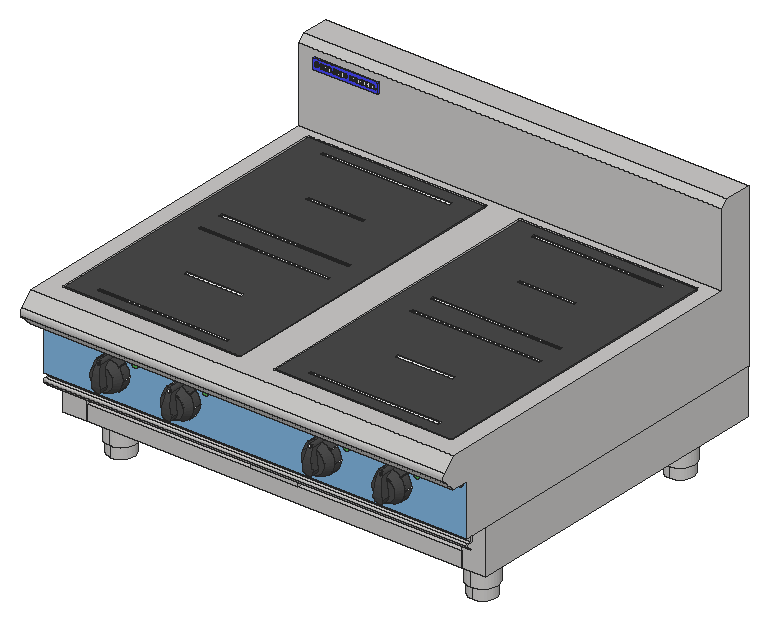
Revit family "QF_Moffat_IN514R3-B_Induction_Cooktop_cat", category Specialty Equipment, Revit 2019 (continued)
Definition of nested family "QF_LOGO_BLue Seal"
  Automatic sketch dimensions
    Extrusion 2 sketch curve to Extrusion 2 sketch curve = 1.332 mm
    Extrusion 2 sketch curve to Extrusion 2 sketch curve = 1.12 mm  (x2)
    Extrusion 2 sketch curve to Extrusion 2 sketch curve = 0.929 mm
    Extrusion 2 sketch curve to Extrusion 2 sketch curve = 1.051 mm  (x2)
    Extrusion 2 sketch curve to Extrusion 2 sketch curve = 5.129 mm  (x2)
    Extrusion 2 sketch curve to Extrusion 2 sketch curve = 4.147 mm
    Extrusion 2 sketch curve to Extrusion 2 sketch curve = 0.516 mm
    plane 3 "LEFT" to Extrusion 2 sketch curve = 3.555 mm
    plane 3 "LEFT" to Extrusion 3 sketch curve = 8.107 mm
    Extrusion 3 sketch curve to Extrusion 3 sketch curve = 0.182 mm
    level to Extrusion 3 sketch curve = 7.231 mm
    Extrusion 3 sketch curve to Extrusion 3 sketch curve = 3.969 mm
    Extrusion 4 sketch curve to plane 3 "LEFT" = 8.107 mm
    Extrusion 4 sketch curve to Extrusion 4 sketch curve = 0.088 mm
    Extrusion 4 sketch curve to level = 7.227 mm
    Extrusion 4 sketch curve to Extrusion 4 sketch curve = 3.972 mm
Definition of nested family "Knob"
  Parameters (values of type "Knob")
    Weight in Pounds = 0
    URL Cutsheet = ""
    Specification by User = ""
    Specification by Manufacturer = ""
    Serial Number = ""
    Seismic Rating = ""
    SMACNA No = ""
    Revision Code = ""
    NAFEM Spec ID Number = ""
    Masterspec = ""
    Length = 65 mm
    Item Number = ""
    Installed By = ""
    Identify Quantity as Lot = yes
    Height = 69.5 mm
    Furnished By = ""
    Foodservice Equipment Identifier = yes
    Depth = 59 mm
    CSI MasterFormat = ""
  Reference planes
    plane 1 "BACK": y = 0
    plane 2: z = 0
    plane 3 "LEFT": x = 0
    plane 4 "RIGHT": x = 65
    plane 5 "FRONT": y = -59
    plane 6 "TOP": z = 69.5
    plane 7 "Center Y": x = 32.5
    plane 8 "Center X": y = -29.5
  Forms (mm)
    Revolve 1, solid
      sketch origin (32.5, 175.397, 1219.2) x (0, 1, 0) y (0, 0, 1)
        loop
          line (-175.397, -1186.7) -> (-219.397, -1186.7) -> (-219.397, -1211.501) -> (-202.106, -1219.2) -> (-185.397, -1219.2) -> (-185.397, -1191.7) -> (-175.397, -1191.7) -> (-175.397, -1186.7)
        axis (-219.397, -1186.7) -> (-175.397, -1186.7)
      angle from 0 to 360
    Extrusion 2, solid
      sketch origin (32.5, 175.397, 1219.2) x (0, 1, 0) y (0, 0, 1)
        loop
          line (-202.106, -1154.2) -> (-185.397, -1154.2) -> (-185.397, -1149.7) -> (-224.105, -1149.7)
          arc (-224.105, -1149.7) -> (-233.965, -1178.467) -> (-230.696, -1208.7) r 70
          line (-230.696, -1208.7) -> (-219.397, -1208.7) -> (-219.397, -1161.899) -> (-202.106, -1154.2)
      from -15 to 15
    Extrusion 3, void
      sketch origin (0, 0, 0) x (1, 0, 0) y (0, 0, 1)
        loop
          line (27.501, 64.613) -> (22.02, 20.585)
          arc (22.02, 20.585) -> (32.792, 10.488) -> (42.986, 21.169) r 10.487
          line (42.986, 21.169) -> (37.499, 64.613)
          arc (37.499, 64.613) -> (32.5, 69.5) -> (27.501, 64.613) r 5
        loop
          line (10, 72.977) -> (10, 5.625) -> (55, 5.625) -> (55, 72.977) -> (10, 72.977)
      from 6.142 to 69.687
    Extrusion 4, solid
      sketch origin (0, -34.115, -16.916) x (1, 0, 0) y (0, 0.45399, 0.891007)
        loop
          circle (32.497, 65) r 2
      from 51.525 to 53.075
    Extrusion 5, solid
      sketch origin (32.5, -10, 32.5) x (0, 0, -1) y (-1, 0, 0)
        loop
          line (-23.54, -22.408) -> (-24.106, -22.974)
          arc (-24.106, -22.974) -> (-23.547, -23.547) -> (-22.974, -24.106) r 33.3
          line (-22.974, -24.106) -> (-22.408, -23.54)
          arc (-22.408, -23.54) -> (-22.981, -22.981) -> (-23.54, -22.408) r 32.5
        loop
          arc (-0.8, -33.29) -> (0, -33.3) -> (0.8, -33.29) r 33.3
          line (0.8, -33.29) -> (0.8, -32.49)
          arc (0.8, -32.49) -> (0, -32.5) -> (-0.8, -32.49) r 32.5
          line (-0.8, -32.49) -> (-0.8, -33.29)
        loop
          arc (23.54, -22.408) -> (22.981, -22.981) -> (22.408, -23.54) r 32.5
          line (22.408, -23.54) -> (22.974, -24.106)
          arc (22.974, -24.106) -> (23.547, -23.547) -> (24.106, -22.974) r 33.3
          line (24.106, -22.974) -> (23.54, -22.408)
        loop
          arc (-23.54, 22.408) -> (-22.981, 22.981) -> (-22.408, 23.54) r 32.5
          line (-22.408, 23.54) -> (-22.974, 24.106)
          arc (-22.974, 24.106) -> (-23.547, 23.547) -> (-24.106, 22.974) r 33.3
          line (-24.106, 22.974) -> (-23.54, 22.408)
        loop
          line (-0.8, 33.29) -> (-0.8, 32.49)
          arc (-0.8, 32.49) -> (0, 32.5) -> (0.8, 32.49) r 32.5
          line (0.8, 32.49) -> (0.8, 33.29)
          arc (0.8, 33.29) -> (0, 33.3) -> (-0.8, 33.29) r 33.3
        loop
          line (32.49, -0.8) -> (33.29, -0.8)
          arc (33.29, -0.8) -> (33.3, 0) -> (33.29, 0.8) r 33.3
          line (33.29, 0.8) -> (32.49, 0.8)
          arc (32.49, 0.8) -> (32.5, 0) -> (32.49, -0.8) r 32.5
        loop
          arc (24.106, 22.974) -> (23.547, 23.547) -> (22.974, 24.106) r 33.3
          line (22.974, 24.106) -> (22.408, 23.54)
          arc (22.408, 23.54) -> (22.981, 22.981) -> (23.54, 22.408) r 32.5
          line (23.54, 22.408) -> (24.106, 22.974)
      from 0 to -16.709
  Cuts and joins
    Extrusion 3 cuts Extrusion 2
  Dimensions and locks
    equal spacing: plane 3 "LEFT", plane 7 "Center Y", plane 4 "RIGHT"
    "Length": plane 3 "LEFT" to plane 4 "RIGHT"
    equal spacing: plane 5 "FRONT", plane 8 "Center X", plane 1 "BACK"
    "Depth": plane 5 "FRONT" to plane 1 "BACK"
    "Height": plane 6 "TOP" to level
    plane 4 "RIGHT" to plane 3 "LEFT" = 65 mm
    aligned and locked: level to plane 2
  Automatic sketch dimensions
    Revolve 1 sketch curve to level = 0 mm
    Revolve 1 sketch curve to plane 1 "BACK" = 0 mm  (x2)
    plane 1 "BACK" to Revolve 1 sketch curve = 10 mm
    plane 8 "Center X" to Revolve 1 sketch curve = 2.791 mm
    Revolve 1 sketch curve to plane 8 "Center X" = 14.5 mm
    level to Revolve 1 sketch curve = 7.699 mm
    level to Revolve 1 sketch curve = 27.5 mm
    Revolve 1 sketch curve to Revolve 1 sketch curve = 5 mm
    Revolve 1 sketch curve to Revolve 1 sketch curve = 35 mm
    Revolve 1 sketch curve to Revolve 1 sketch curve = 0 mm
    Extrusion 2 sketch curve to plane 6 "TOP" = 0 mm
    Extrusion 2 sketch curve to plane 5 "FRONT" = 3.702 mm
    Extrusion 2 sketch curve to plane 5 "FRONT" = 10.293 mm
    Extrusion 2 sketch curve to Extrusion 2 sketch curve = 11.298 mm
    plane 8 "Center X" to Extrusion 2 sketch curve = 2.791 mm
    plane 1 "BACK" to Extrusion 2 sketch curve = 10 mm
    Extrusion 2 sketch curve to plane 1 "BACK" = 11 mm
    Extrusion 2 sketch curve to plane 6 "TOP" = 4.5 mm
    Extrusion 2 sketch curve to plane 6 "TOP" = 12.199 mm
    level to Extrusion 2 sketch curve = 32.962 mm
    level to Extrusion 3 sketch curve = 5.625 mm
    Extrusion 3 sketch curve to plane 7 "Center Y" = 0 mm  (x2)
    Extrusion 3 sketch curve to plane 7 "Center Y" = 4.999 mm
    Extrusion 3 sketch curve to plane 7 "Center Y" = 10.48 mm
    plane 6 "TOP" to Extrusion 3 sketch curve = 3.477 mm
    plane 3 "LEFT" to Extrusion 3 sketch curve = 10 mm
    Extrusion 3 sketch curve to plane 6 "TOP" = 4.887 mm
    Extrusion 3 sketch curve to Extrusion 3 sketch curve = 4.999 mm
    plane 7 "Center Y" to Extrusion 3 sketch curve = 10.486 mm
    level to Extrusion 3 sketch curve = 20.585 mm
    Extrusion 3 sketch curve to Extrusion 3 sketch curve = 0.387 mm
    Extrusion 3 sketch curve to Extrusion 3 sketch curve = 0.113 mm
    plane 4 "RIGHT" to Extrusion 3 sketch curve = 10 mm
    Extrusion 5 sketch curve to Revolve 1 = 32.49 mm
    Revolve 1 to Extrusion 5 sketch curve = 32.49 mm
    Extrusion 5 sketch curve to Revolve 1 = 23.54 mm  (x2)
    Revolve 1 to Extrusion 5 sketch curve = 23.54 mm  (x2)
    Extrusion 5 sketch curve to Revolve 1 = 24.106 mm  (x2)
    Revolve 1 to Extrusion 5 sketch curve = 24.106 mm  (x2)
    Revolve 1 to Extrusion 5 sketch curve = 22.408 mm  (x2)
    Extrusion 5 sketch curve to Revolve 1 = 22.408 mm  (x2)
    Revolve 1 to Extrusion 5 sketch curve = 22.974 mm  (x2)
    Extrusion 5 sketch curve to Revolve 1 = 22.974 mm  (x2)
    Extrusion 5 sketch curve to Extrusion 5 sketch curve = 1.6 mm  (x2)
    Revolve 1 to Extrusion 5 sketch curve = 0.8 mm
    Extrusion 5 sketch curve to Revolve 1 = 0.8 mm
    Extrusion 4 sketch curve to plane 7 "Center Y" = 0.003 mm
    radius of Extrusion 5 sketch curve to Revolve 1 = 0 mm  (x7)
    radius of Revolve 1 to Extrusion 5 sketch curve = 0.8 mm  (x7)
    radius of Extrusion 4 sketch curve = 2 mm
